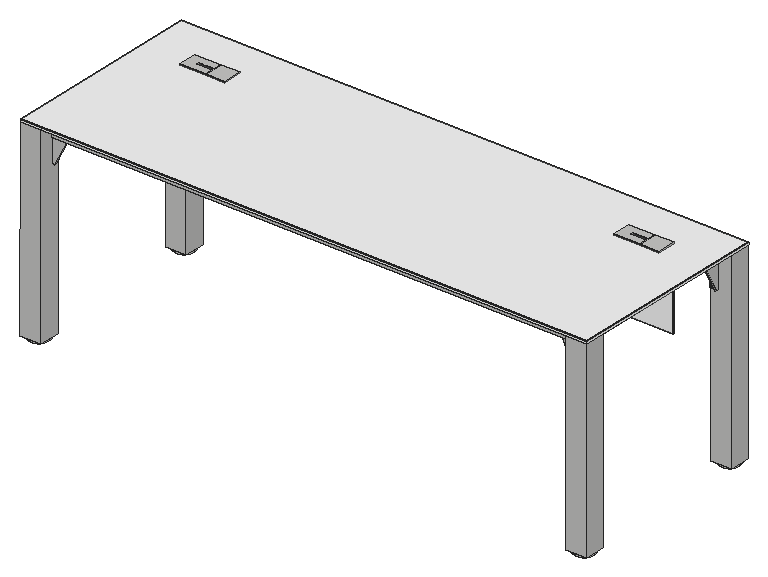
Revit family "Workstations-Teknion-BGMTT_Table_Desk_With_Glass_Top-R2015", category Furniture, Revit 2015
Parameters (values of type "Square Post Legs")
  Worksurface Finish [instance] = Back-painted Glass - K7 - Teknion - Very White
  Width [instance] = 84.000"
  Warranty = "http://www.teknion.com/ca/papers/legal-canada"
  Unit Weight URL = "http://www.teknion.com/ca/tools/assets#&asset=bee6a381-b954-425e-8283-5a2de3a804f2,f828d448-4b62-4231-9e5f-9a8991c0ed77"
  URL = "www.teknion.com"
  Sustainability Data = "http://www.teknion.com/ca/tools/assets#&topic=216f99a5-57a0-44fc-b10a-9dee9b29ae4c&asset=444deb64-fe58-4b68-981e-f75e97781df7"
  Support Frame Finish [instance] = Metal - Teknion - AC - Clear Anodized
  Series = "Expansion Casegoods"  # constant formula
  Right Grommet Visibility [instance] = or([Has Both Ends - Rectangular Grommet], Has Right Grommet)  # yes
  Product Page URL = "http://www.teknion.com/ca/products/product-details?productlineid=0053336e-8e7a-673b-a6c8-ff00004460c4"
  Product Line = "Expansion Casegoods"  # constant formula
  Product Documentation Link = "http://www.teknion.com/pricing/expansion-casegoods/pdfs/BGMTT_ppg.pdf"
  Part Number = "BGMTT"  # constant formula
  Panel Width [instance] = 72.0004"
  Panel Height [instance] = 10.000"
  Workstation Note [instance] = "Available Depths are 24, 30, and 36 inches. Available Widths range from 54 to 90 inches in 6 inch increments."  # constant formula
  Modesty Panel Note [instance] = "Available Widths range from 30 ro 84 inches in 1 inch increments. Available Heights are 6 and 10 inches."  # constant formula
  Modesty Panel Finish [instance] = Back-painted Glass - K7 - Teknion - Very White
  Modesty Hardware Finish [instance] = Mica - Teknion - V - Satin - Very White
  Model = "BGMTTS___10"
  Manufacturer Phone = "416-661-3370"  # constant formula
  Manufacturer Fax = "416.661.4586"  # constant formula
  Manufacturer Contact Information = "http://www.teknion.com/ca/contactus"
  Manufacturer Address = "1150 Flint Road, Toronto, ON. M3J 2J5. Canada"  # constant formula
  Manufacturer = "Teknion"  # constant formula
  Left Grommet Visibility [instance] = or([Has Both Ends - Rectangular Grommet], Has Left Grommet)  # yes
  Has Right Grommet [instance] = no
  Has Modesty Panel [instance] = yes
  Has Left Grommet [instance] = no
  Has Both Ends - Rectangular Grommet [instance] = yes
  Grommet Finish [instance] = Metal - Teknion - AC - Clear Anodized
  Description = "Table Desk with 10 mm Glass Top, Square Post Legs Support Style."  # constant formula
  Depth [instance] = 30.000"
  Assembly Code = "E2020200"
Reference planes (in)
  plane 1 "Center Front/Back": y = 0
  plane 2: z = 0
  plane 3 "Center Left/Right": x = 0
  plane 4 "Left": x = -42
  plane 5 "Right": x = 42
  plane 6 "Back": y = 15
  plane 7 "Front": y = -15
  plane 8 "Top": z = 29.13386
  plane 9: z = 28.74016
  plane 10: x = -38.92913
  plane 11: y = 11.92913
  plane 12: x = 38.92913
  plane 13: y = -11.92913
  plane 14: z = 0.31496
  plane 15: y = 13.11024
  plane 16: y = -13.11024
  plane 17: x = -40.11024
  plane 18: x = 40.11024
  plane 19: y = 9.48819
  plane 20: x = 36.48819
  plane 21: y = -9.48819
  plane 22: x = -36.48819
  plane 23: z = 27.02362
  plane 24: z = 23.42126
  plane 25: z = 29.29134
  plane 26: z = 29.03386
  plane 27: z = 17.55116
  plane 28: z = 27.55116
Forms (in)
  Extrusion 1, solid, material "Back-painted Glass - K7 - Teknion - Very White" <- "Worksurface Finish"
    sketch origin (0, 0, 29.13386) x (-1, 0, 0) y (0, -1, 0)
      loop
        line (42, -15) -> (42, 15) -> (-42, 15) -> (-42, -15) -> (42, -15)
    from 0 to -0.1
  Extrusion 2, solid, material "Metal - Teknion - AC - Clear Anodized" <- "Support Frame Finish"
    sketch origin (0, 0, 29.13386) x (-1, 0, 0) y (0, -1, 0)
      loop
        line (42, -11.92913) -> (38.92913, -11.92913) -> (38.92913, -15) -> (42, -15) -> (42, -11.92913)
    from -0.3937 to -28.8189
  Extrusion 3, solid, material "Metal - Teknion - AC - Clear Anodized" <- "Support Frame Finish"
    sketch origin (0, 0, 29.13386) x (-1, 0, 0) y (0, -1, 0)
      loop
        line (42, 11.92913) -> (42, 15) -> (38.92913, 15) -> (38.92913, 11.92913) -> (42, 11.92913)
    from -0.3937 to -28.8189
  Extrusion 4, solid, material "Metal - Teknion - AC - Clear Anodized" <- "Support Frame Finish"
    sketch origin (0, 0, 29.13386) x (1, 0, 0) y (0, 1, 0)
      loop
        line (42, 11.92913) -> (42, 15) -> (38.92913, 15) -> (38.92913, 11.92913) -> (42, 11.92913)
    from -0.3937 to -28.8189
  Extrusion 5, solid, material "Metal - Teknion - AC - Clear Anodized" <- "Support Frame Finish"
    sketch origin (0, 0, 29.13386) x (1, 0, 0) y (0, 1, 0)
      loop
        line (42, -11.92913) -> (38.92913, -11.92913) -> (38.92913, -15) -> (42, -15) -> (42, -11.92913)
    from -0.3937 to -28.8189
  Extrusion 6, solid, material "Metal - Teknion - AC - Clear Anodized" <- "Support Frame Finish"
    sketch origin (0, 0, 29.13386) x (-1, 0, 0) y (0, -1, 0)
      loop
        line (38.92913, -13.11024) -> (38.92913, -11.92913) -> (40.11024, -11.92913) -> (40.11024, 11.92913) -> (38.92913, 11.92913) -> (38.92913, 13.11024) -> (-38.92913, 13.11024) -> (-38.92913, 11.92913) -> (-40.11024, 11.92913) -> (-40.11024, -11.92913) -> (-38.92913, -11.92913) -> (-38.92913, -13.11024) -> (38.92913, -13.11024)
      loop
        line (36.48819, -9.48819) -> (36.48819, 9.48819) -> (-36.48819, 9.48819) -> (-36.48819, -9.48819) -> (36.48819, -9.48819)
    from -0.3937 to -2.11024
  Extrusion 7, solid, material "Metal - Teknion - AC - Clear Anodized" <- "Support Frame Finish"
    sketch origin (0, 0, 29.13386) x (-1, 0, 0) y (0, -1, 0)
      loop
        line (39.81496, -9.64567) -> (39.81496, -11.81102) -> (38.81102, -11.81102) -> (38.81102, -12.81496) -> (36.64567, -12.81496) -> (36.64567, -12.93307) -> (38.92913, -12.93307) -> (38.92913, -11.92913) -> (39.93307, -11.92913) -> (39.93307, -9.64567) -> (39.81496, -9.64567)
    from -5.7126 to -2.11024
  Extrusion 8, void
    sketch origin (27, 0, 0) x (0, 1, 0) y (0, 0, -1)
      loop
        line (9.64567, -27.02362) -> (11.48116, -23.42126) -> (9.64567, -23.42126) -> (9.64567, -27.02362)
    from -15 to -11.92913
  Extrusion 9, void
    sketch origin (15, 12.88583, 0) x (1, 0, 0) y (0, 0, 1)
      loop
        line (21.64567, 27.02362) -> (21.64567, 23.42126) -> (23.48116, 23.42126) -> (21.64567, 27.02362)
    from -2.11417 to 0.95669
  Extrusion 10, void
    sketch origin (-27, 0, 0) x (0, 1, 0) y (0, 0, 1)
      loop
        line (9.64567, 27.02362) -> (9.64567, 23.42126) -> (11.48116, 23.42126) -> (9.64567, 27.02362)
    from -15 to -11.92913
  Extrusion 11, void
    sketch origin (-15, 12.88583, 0) x (-1, 0, 0) y (0, 0, -1)
      loop
        line (21.64567, -27.02362) -> (23.48116, -23.42126) -> (21.64567, -23.42126) -> (21.64567, -27.02362)
    from -2.11417 to 0.95669
  Extrusion 12, void
    sketch origin (27, 0, 0) x (0, -1, 0) y (0, 0, 1)
      loop
        line (9.64567, 27.02362) -> (9.64567, 23.42126) -> (11.48116, 23.42126) -> (9.64567, 27.02362)
    from -15 to -11.92913
  Extrusion 13, void
    sketch origin (15, -12.88583, 0) x (1, 0, 0) y (0, 0, -1)
      loop
        line (21.64567, -27.02362) -> (23.48116, -23.42126) -> (21.64567, -23.42126) -> (21.64567, -27.02362)
    from -2.11417 to 0.95669
  Extrusion 14, void
    sketch origin (-27, 0, 0) x (0, -1, 0) y (0, 0, -1)
      loop
        line (9.64567, -27.02362) -> (11.48116, -23.42126) -> (9.64567, -23.42126) -> (9.64567, -27.02362)
    from -15 to -11.92913
  Extrusion 15, void
    sketch origin (-15, -12.88583, 0) x (-1, 0, 0) y (0, 0, 1)
      loop
        line (21.64567, 27.02362) -> (21.64567, 23.42126) -> (23.48116, 23.42126) -> (21.64567, 27.02362)
    from -2.11417 to 0.95669
  Extrusion 16, solid, material "Metal - Teknion - AC - Clear Anodized" <- "Support Frame Finish"
    sketch origin (0, 0, 29.13386) x (1, 0, 0) y (0, 1, 0)
      loop
        line (39.81496, 9.64567) -> (39.93307, 9.64567) -> (39.93307, 11.92913) -> (38.92913, 11.92913) -> (38.92913, 12.93307) -> (36.64567, 12.93307) -> (36.64567, 12.81496) -> (38.81102, 12.81496) -> (38.81102, 11.81102) -> (39.81496, 11.81102) -> (39.81496, 9.64567)
    from -5.7126 to -2.11024
  Extrusion 17, solid, material "Metal - Teknion - AC - Clear Anodized" <- "Support Frame Finish"
    sketch origin (0, 0, 29.13386) x (-1, 0, 0) y (0, -1, 0)
      loop
        line (39.81496, 9.64567) -> (39.93307, 9.64567) -> (39.93307, 11.92913) -> (38.92913, 11.92913) -> (38.92913, 12.93307) -> (36.64567, 12.93307) -> (36.64567, 12.81496) -> (38.81102, 12.81496) -> (38.81102, 11.81102) -> (39.81496, 11.81102) -> (39.81496, 9.64567)
    from -5.7126 to -2.11024
  Extrusion 18, solid, material "Metal - Teknion - AC - Clear Anodized" <- "Support Frame Finish"
    sketch origin (0, 0, 29.13386) x (1, 0, 0) y (0, 1, 0)
      loop
        line (39.81496, -9.64567) -> (39.81496, -11.81102) -> (38.81102, -11.81102) -> (38.81102, -12.81496) -> (36.64567, -12.81496) -> (36.64567, -12.93307) -> (38.92913, -12.93307) -> (38.92913, -11.92913) -> (39.93307, -11.92913) -> (39.93307, -9.64567) -> (39.81496, -9.64567)
    from -5.7126 to -2.11024
  Extrusion 19, solid, material "Metal - Teknion - AC - Clear Anodized" <- "Support Frame Finish"
    sketch origin (0, 0, 0) x (1, 0, 0) y (0, 1, 0)
      loop
        circle (-40.45657, 13.47008) r 1.5
    from 0 to 0.31496
  Extrusion 20, solid, material "Metal - Teknion - AC - Clear Anodized" <- "Support Frame Finish"
    sketch origin (0, 0, 0) x (-1, 0, 0) y (0, -1, 0)
      loop
        circle (-40.45657, -13.47008) r 1.5
    from 0 to 0.31496
  Extrusion 21, solid, material "Metal - Teknion - AC - Clear Anodized" <- "Support Frame Finish"
    sketch origin (0, 0, 0) x (1, 0, 0) y (0, 1, 0)
      loop
        circle (-40.45657, -13.47008) r 1.5
    from 0 to 0.31496
  Extrusion 22, solid, material "Metal - Teknion - AC - Clear Anodized" <- "Support Frame Finish"
    sketch origin (0, 0, 0) x (-1, 0, 0) y (0, -1, 0)
      loop
        circle (-40.45657, 13.47008) r 1.5
    from 0 to 0.31496
  Extrusion 23, solid, material "Metal - Teknion - AC - Clear Anodized" <- "Grommet Finish", visible <- "Left Grommet Visibility"
    sketch origin (0, 0, 29.13386) x (-1, 0, 0) y (0, -1, 0)
      loop
        line (28.86969, -6.49135) -> (28.86969, -9.33542) -> (31.71792, -9.33542) -> (31.71792, -6.49135) -> (28.86969, -6.49135)
    from 0 to 0.15748
  Extrusion 24, solid, material "Metal - Teknion - AC - Clear Anodized" <- "Grommet Finish", visible <- "Left Grommet Visibility"
    sketch origin (0, 0, 29.13386) x (-1, 0, 0) y (0, -1, 0)
      loop
        line (33.99652, -7.70071) -> (33.99652, -8.12606) -> (31.71792, -8.12606) -> (31.71792, -9.33542) -> (35.52401, -9.33542) -> (35.52401, -6.49135) -> (31.71792, -6.49135) -> (31.71792, -7.70071) -> (33.99652, -7.70071)
    from 0 to 0.15748
  Extrusion 25, solid, material "Metal - Teknion - AC - Clear Anodized" <- "Grommet Finish", visible <- "Right Grommet Visibility"
    sketch origin (34.3937, 0, 29.13386) x (-1, 0, 0) y (0, -1, 0)
      loop
        line (-1.13031, -6.49135) -> (-1.13031, -9.33542) -> (1.71792, -9.33542) -> (1.71792, -6.49135) -> (-1.13031, -6.49135)
    from 0 to 0.15748
  Extrusion 26, solid, material "Metal - Teknion - AC - Clear Anodized" <- "Grommet Finish", visible <- "Right Grommet Visibility"
    sketch origin (34.3937, 0, 29.13386) x (-1, 0, 0) y (0, -1, 0)
      loop
        line (3.99652, -7.70071) -> (3.99652, -8.12606) -> (1.71792, -8.12606) -> (1.71792, -9.33542) -> (5.52401, -9.33542) -> (5.52401, -6.49135) -> (1.71792, -6.49135) -> (1.71792, -7.70071) -> (3.99652, -7.70071)
    from 0 to 0.15748
  Extrusion 27, solid, material "Paint-Teknion-White"
    sketch origin (0, 0, 29.13386) x (-1, 0, 0) y (0, -1, 0)
      loop
        line (42, -15) -> (42, 15) -> (-42, 15) -> (-42, -15) -> (42, -15)
    from -0.3937 to -0.1
  Extrusion 28, solid, material "Mica - Teknion - V - Satin - Very White" <- "Modesty Hardware Finish", visible <- "Has Modesty Panel"
    sketch origin (0, 0, 29.13386) x (-1, 0, 0) y (0, -1, 0)
      loop
        line (36.0002, -8.1427) -> (-36.0002, -8.1427) -> (-36.0002, -9.15839) -> (36.0002, -9.15839) -> (36.0002, -8.1427)
    from -1.5827 to -0.3937
  Extrusion 29, solid, material "Back-painted Glass - K7 - Teknion - Very White" <- "Modesty Panel Finish", visible <- "Has Modesty Panel"
    sketch origin (0, 0, 29.13386) x (-1, 0, 0) y (0, -1, 0)
      loop
        line (36.0002, -8.7616) -> (36.0002, -8.69961) -> (-36.0002, -8.69961) -> (-36.0002, -8.7616) -> (36.0002, -8.7616)
      loop
        line (-36.0002, -8.53949) -> (-36.0002, -8.59961) -> (36.0002, -8.59961) -> (36.0002, -8.53949) -> (-36.0002, -8.53949)
    from -1.5827 to -11.5827
  Extrusion 30, solid, material "Paint-Teknion-White", visible <- "Has Modesty Panel"
    sketch origin (0, 0, 29.13386) x (-1, 0, 0) y (0, -1, 0)
      loop
        line (36.0002, -8.69961) -> (36.0002, -8.59961) -> (-36.0002, -8.59961) -> (-36.0002, -8.69961) -> (36.0002, -8.69961)
    from -1.5827 to -11.5827
Cuts and joins
  Extrusion 8, Extrusion 10, Extrusion 11, Extrusion 14, Extrusion 15 cuts Extrusion 7
  Extrusion 8, Extrusion 9 cuts Extrusion 16
  Extrusion 12, Extrusion 13 cuts Extrusion 18
  Extrusion 14, Extrusion 15 cuts Extrusion 17
Lines and regions (in)
  Masking region 1
    outline origin (0, 0, 29.13386) x (-1, 0, 0) y (0, -1, 0)
      loop
        line (42, -15) -> (42, 15) -> (-42, 15) -> (-42, -15) -> (42, -15)
  symbolic lines, style "FurnitureHiddenLines", detail levels medium+fine
    curve 1: line (-36.48819, -9.48819, 29.13386) -> (-36.48819, 9.48819, 29.13386)
    curve 2: line (-36.48819, 9.48819, 29.13386) -> (36.48819, 9.48819, 29.13386)
    curve 3: line (36.48819, -9.48819, 29.13386) -> (-36.48819, -9.48819, 29.13386)
    curve 4: line (36.48819, 9.48819, 29.13386) -> (36.48819, -9.48819, 29.13386)
    curve 5: line (38.92913, 13.11024, 29.13386) -> (-38.92913, 13.11024, 29.13386)
    curve 6: line (-38.92913, 13.11024, 29.13386) -> (-38.92913, 11.92913, 29.13386)
    curve 7: line (-38.92913, 11.92913, 29.13386) -> (-40.11024, 11.92913, 29.13386)
    curve 8: line (-40.11024, 11.92913, 29.13386) -> (-40.11024, -11.92913, 29.13386)
    curve 9: line (-40.11024, -11.92913, 29.13386) -> (-38.92913, -11.92913, 29.13386)
    curve 10: line (-38.92913, -11.92913, 29.13386) -> (-38.92913, -13.11024, 29.13386)
    curve 11: line (-38.92913, -13.11024, 29.13386) -> (38.92913, -13.11024, 29.13386)
    curve 12: line (38.92913, -13.11024, 29.13386) -> (38.92913, -11.92913, 29.13386)
    curve 13: line (38.92913, -11.92913, 29.13386) -> (40.11024, -11.92913, 29.13386)
    curve 14: line (40.11024, -11.92913, 29.13386) -> (40.11024, 11.92913, 29.13386)
    curve 15: line (42, 11.92913, 29.13386) -> (38.92913, 11.92913, 29.13386)
    curve 16: line (38.92913, 11.92913, 29.13386) -> (38.92913, 13.11024, 29.13386)
    curve 37: line (-42, 11.92913, 29.13386) -> (-38.92913, 11.92913, 29.13386)
    curve 38: line (-38.92913, 11.92913, 29.13386) -> (-38.92913, 15, 29.13386)
    curve 39: line (38.92913, 15, 29.13386) -> (38.92913, 11.92913, 29.13386)
    curve 40: line (38.92913, 11.92913, 29.13386) -> (42, 11.92913, 29.13386)
    curve 41: line (42, -11.92913, 29.13386) -> (38.92913, -11.92913, 29.13386)
    curve 42: line (38.92913, -11.92913, 29.13386) -> (38.92913, -15, 29.13386)
    curve 43: line (-38.92913, -15, 29.13386) -> (-38.92913, -11.92913, 29.13386)
    curve 44: line (-38.92913, -11.92913, 29.13386) -> (-42, -11.92913, 29.13386)
  symbolic lines, visible <- "Left Grommet Visibility"
    curve 17: line (-31.71792, 9.33542, 29.13386) -> (-31.71792, 6.49135, 29.13386)
    curve 18: line (-31.71792, 6.49135, 29.13386) -> (-28.86969, 6.49135, 29.13386)
    curve 19: line (-28.86969, 6.49135, 29.13386) -> (-28.86969, 9.33542, 29.13386)
    curve 20: line (-28.86969, 9.33542, 29.13386) -> (-31.71792, 9.33542, 29.13386)
    curve 21: line (-33.99652, 8.12606, 29.13386) -> (-31.71792, 8.12606, 29.13386)
    curve 22: line (-33.99652, 7.70071, 29.13386) -> (-33.99652, 8.12606, 29.13386)
    curve 23: line (-31.71792, 7.70071, 29.13386) -> (-33.99652, 7.70071, 29.13386)
    curve 24: line (-35.52401, 6.49135, 29.13386) -> (-31.71792, 6.49135, 29.13386)
    curve 25: line (-35.52401, 9.33542, 29.13386) -> (-35.52401, 6.49135, 29.13386)
    curve 26: line (-31.71792, 9.33542, 29.13386) -> (-35.52401, 9.33542, 29.13386)
  symbolic lines, visible <- "Right Grommet Visibility"
    curve 27: line (35.52401, 9.33542, 29.13386) -> (32.67578, 9.33542, 29.13386)
    curve 28: line (32.67578, 9.33542, 29.13386) -> (32.67578, 6.49135, 29.13386)
    curve 29: line (32.67578, 6.49135, 29.13386) -> (35.52401, 6.49135, 29.13386)
    curve 30: line (35.52401, 6.49135, 29.13386) -> (35.52401, 9.33542, 29.13386)
    curve 31: line (28.86969, 6.49135, 29.13386) -> (32.67578, 6.49135, 29.13386)
    curve 32: line (28.86969, 9.33542, 29.13386) -> (28.86969, 6.49135, 29.13386)
    curve 33: line (32.67578, 9.33542, 29.13386) -> (28.86969, 9.33542, 29.13386)
    curve 34: line (30.39718, 8.12606, 29.13386) -> (32.67578, 8.12606, 29.13386)
    curve 35: line (30.39718, 7.70071, 29.13386) -> (30.39718, 8.12606, 29.13386)
    curve 36: line (32.67578, 7.70071, 29.13386) -> (30.39718, 7.70071, 29.13386)
  symbolic lines, style "FurnitureHiddenLines", detail levels fine
    curve 45: arc (-41.95657, -13.47008, 29.13386) -> (-40.45657, -14.97008, 29.13386) -> (-38.95657, -13.47008, 29.13386) r 1.5
    curve 46: arc (-38.95657, -13.47008, 29.13386) -> (-40.45657, -11.97008, 29.13386) -> (-41.95657, -13.47008, 29.13386) r 1.5
    curve 47: arc (-38.95657, 13.47008, 29.13386) -> (-40.45657, 14.97008, 29.13386) -> (-41.95657, 13.47008, 29.13386) r 1.5
    curve 48: arc (-41.95657, 13.47008, 29.13386) -> (-40.45657, 11.97008, 29.13386) -> (-38.95657, 13.47008, 29.13386) r 1.5
    curve 49: arc (38.95657, 13.47008, 29.13386) -> (40.45657, 11.97008, 29.13386) -> (41.95657, 13.47008, 29.13386) r 1.5
    curve 50: arc (41.95657, 13.47008, 29.13386) -> (40.45657, 14.97008, 29.13386) -> (38.95657, 13.47008, 29.13386) r 1.5
    curve 51: arc (41.95657, -13.47008, 29.13386) -> (40.45657, -11.97008, 29.13386) -> (38.95657, -13.47008, 29.13386) r 1.5
    curve 52: arc (38.95657, -13.47008, 29.13386) -> (40.45657, -14.97008, 29.13386) -> (41.95657, -13.47008, 29.13386) r 1.5
    curve 53: line (-38.81102, 12.81496, 29.13386) -> (-36.64567, 12.81496, 29.13386)
    curve 54: line (-36.64567, 12.81496, 29.13386) -> (-36.64567, 12.93307, 29.13386)
    curve 55: line (-36.64567, 12.93307, 29.13386) -> (-38.92913, 12.93307, 29.13386)
    curve 56: line (-38.92913, 12.93307, 29.13386) -> (-38.92913, 11.92913, 29.13386)
    curve 57: line (-38.92913, 11.92913, 29.13386) -> (-39.93307, 11.92913, 29.13386)
    curve 58: line (-39.93307, 11.92913, 29.13386) -> (-39.93307, 9.64567, 29.13386)
    curve 59: line (-39.93307, 9.64567, 29.13386) -> (-39.81496, 9.64567, 29.13386)
    curve 60: line (-39.81496, 9.64567, 29.13386) -> (-39.81496, 11.81102, 29.13386)
    curve 61: line (-39.81496, 11.81102, 29.13386) -> (-38.81102, 11.81102, 29.13386)
    curve 62: line (-38.81102, 11.81102, 29.13386) -> (-38.81102, 12.81496, 29.13386)
    curve 63: line (36.64567, 12.93307, 29.13386) -> (36.64567, 12.81496, 29.13386)
    curve 64: line (38.92913, 12.93307, 29.13386) -> (36.64567, 12.93307, 29.13386)
    curve 65: line (36.64567, 12.81496, 29.13386) -> (38.81102, 12.81496, 29.13386)
    curve 66: line (38.81102, 12.81496, 29.13386) -> (38.81102, 11.81102, 29.13386)
    curve 67: line (38.81102, 11.81102, 29.13386) -> (39.81496, 11.81102, 29.13386)
    curve 68: line (39.93307, 9.64567, 29.13386) -> (39.93307, 11.92913, 29.13386)
    curve 69: line (39.93307, 9.64567, 29.13386) -> (39.81496, 9.64567, 29.13386)
    curve 70: line (39.81496, 11.81102, 29.13386) -> (39.81496, 9.64567, 29.13386)
    curve 71: line (39.93307, -11.92913, 29.13386) -> (39.93307, -9.64567, 29.13386)
    curve 72: line (39.81496, -9.64567, 29.13386) -> (39.93307, -9.64567, 29.13386)
    curve 73: line (39.81496, -9.64567, 29.13386) -> (39.81496, -11.81102, 29.13386)
    curve 74: line (39.81496, -11.81102, 29.13386) -> (38.81102, -11.81102, 29.13386)
    curve 75: line (38.81102, -11.81102, 29.13386) -> (38.81102, -12.81496, 29.13386)
    curve 76: line (38.81102, -12.81496, 29.13386) -> (36.64567, -12.81496, 29.13386)
    curve 77: line (36.64567, -12.81496, 29.13386) -> (36.64567, -12.93307, 29.13386)
    curve 78: line (36.64567, -12.93307, 29.13386) -> (38.92913, -12.93307, 29.13386)
    curve 79: line (-36.64567, -12.81496, 29.13386) -> (-38.81102, -12.81496, 29.13386)
    curve 80: line (-36.64567, -12.93307, 29.13386) -> (-36.64567, -12.81496, 29.13386)
    curve 81: line (-38.92913, -12.93307, 29.13386) -> (-36.64567, -12.93307, 29.13386)
    curve 82: line (-38.81102, -12.81496, 29.13386) -> (-38.81102, -11.81102, 29.13386)
    curve 83: line (-38.81102, -11.81102, 29.13386) -> (-39.81496, -11.81102, 29.13386)
    curve 84: line (-39.81496, -11.81102, 29.13386) -> (-39.81496, -9.64567, 29.13386)
    curve 85: line (-39.93307, -9.64567, 29.13386) -> (-39.81496, -9.64567, 29.13386)
    curve 86: line (-39.93307, -9.64567, 29.13386) -> (-39.93307, -11.92913, 29.13386)
  symbolic lines, style "FurnitureHiddenLines", visible <- "Has Modesty Panel", detail levels medium+fine
    curve 87: line (36.0002, 9.15839, 29.13386) -> (-36.0002, 9.15839, 29.13386)
    curve 88: line (-36.0002, 9.15839, 29.13386) -> (-36.0002, 8.1427, 29.13386)
    curve 89: line (-36.0002, 8.1427, 29.13386) -> (36.0002, 8.1427, 29.13386)
    curve 90: line (36.0002, 8.1427, 29.13386) -> (36.0002, 9.15839, 29.13386)
  symbolic lines, style "FurnitureHiddenLines", visible <- "Has Modesty Panel", detail levels fine
    curve 91: line (36.0002, 8.7616, 29.13386) -> (-36.0002, 8.7616, 29.13386)
    curve 92: line (-36.0002, 8.53949, 29.13386) -> (36.0002, 8.53949, 29.13386)
    curve 93: line (-36.0002, 8.59961, 29.13386) -> (36.0002, 8.59961, 29.13386)
    curve 94: line (36.0002, 8.69961, 29.13386) -> (-36.0002, 8.69961, 29.13386)
  reference lines, not visible
    curve 95: line (-42, 15, 29.13386) -> (-42, -15, 29.13386)
    curve 96: line (-42, 15, 29.13386) -> (42, 15, 29.13386)
    curve 97: line (42, 15, 29.13386) -> (42, -15, 29.13386)
    curve 98: line (-42, -15, 29.13386) -> (42, -15, 29.13386)
Dimensions and locks (in)
  equal spacing: plane 4 "Left", plane 3 "Center Left/Right", plane 5 "Right"
  equal spacing: plane 6 "Back", plane 1 "Center Front/Back", plane 7 "Front"
  plane 8 "Top" to level = 29.13386"
  locked: plane 8 "Top" to plane 9 at 0.3937
  locked: plane 7 "Front" to plane 13 at 3.07087
  locked: plane 6 "Back" to plane 11 at 3.07087
  locked: plane 4 "Left" to plane 10 at 3.07087
  locked: plane 12 to plane 5 "Right" at 3.07087
  locked: plane 14 to plane 2 at 0.31496
  locked: plane 6 "Back" to plane 15 at 1.88976
  locked: plane 7 "Front" to plane 16 at 1.88976
  locked: plane 4 "Left" to plane 17 at 1.88976
  locked: plane 5 "Right" to plane 18 at 1.88976
  locked: plane 4 "Left" to plane 22 at 5.51181
  locked: plane 21 to plane 16 at 3.62205
  locked: plane 15 to plane 19 at 3.62205
  locked: plane 20 to plane 18 at 3.62205
  locked: plane 9 to plane 23 at 1.71654
  "Depth": plane 6 "Back" to plane 7 "Front"
  "Width": plane 4 "Left" to plane 5 "Right"
  Extrusion 7 sketch curve to Extrusion 7 sketch curve to Extrusion 7 sketch curve to Extrusion 7 sketch curve to plane 6 "Back" = 2.16535" locked, 1.00394" locked, 0.11811" locked, 2.06693" locked
  plane 4 "Left" to Extrusion 7 sketch curve to Extrusion 7 sketch curve to Extrusion 7 sketch curve to Extrusion 7 sketch curve = 2.06693" locked, 0.11811" locked, 1.00394" locked, 2.16535" locked
  locked: plane 23 to plane 24 at 3.60236
  plane 11 to Extrusion 8 sketch curve to Extrusion 8 sketch curve = 0.44797" locked, 1.8355" locked
  Extrusion 9 sketch curve to Extrusion 9 sketch curve to plane 20 = 1.8355" locked, 0.15748" locked
  Extrusion 10 sketch curve to Extrusion 10 sketch curve to plane 19 = 1.8355" locked, 0.15748" locked
  Extrusion 11 sketch curve to Extrusion 11 sketch curve to plane 22 = 1.8355" locked, 0.15748" locked
  Extrusion 12 sketch curve to Extrusion 12 sketch curve to plane 21 = 1.8355" locked, 0.15748" locked
  Extrusion 13 sketch curve to Extrusion 13 sketch curve to plane 20 = 1.8355" locked, 0.15748" locked
  plane 13 to Extrusion 14 sketch curve to Extrusion 14 sketch curve = 0.44797" locked, 1.8355" locked
  plane 10 to Extrusion 15 sketch curve to Extrusion 15 sketch curve = 0.44797" locked, 1.8355" locked
  Extrusion 16 sketch curve to Extrusion 16 sketch curve to Extrusion 16 sketch curve to Extrusion 16 sketch curve to plane 6 "Back" = 2.16535" locked, 1.00394" locked, 0.11811" locked, 2.06693" locked
  plane 5 "Right" to Extrusion 16 sketch curve to Extrusion 16 sketch curve to Extrusion 16 sketch curve to Extrusion 16 sketch curve = 2.06693" locked, 0.11811" locked, 1.00394" locked, 2.16535" locked
  Extrusion 17 sketch curve to Extrusion 17 sketch curve to Extrusion 17 sketch curve to Extrusion 17 sketch curve to plane 7 "Front" = 2.16535" locked, 1.00394" locked, 0.11811" locked, 2.06693" locked
  plane 4 "Left" to Extrusion 17 sketch curve to Extrusion 17 sketch curve to Extrusion 17 sketch curve to Extrusion 17 sketch curve = 2.06693" locked, 0.11811" locked, 1.00394" locked, 2.16535" locked
  Extrusion 18 sketch curve to Extrusion 18 sketch curve to Extrusion 18 sketch curve to Extrusion 18 sketch curve to plane 7 "Front" = 2.16535" locked, 1.00394" locked, 0.11811" locked, 2.06693" locked
  plane 5 "Right" to Extrusion 18 sketch curve to Extrusion 18 sketch curve to Extrusion 18 sketch curve to Extrusion 18 sketch curve = 2.06693" locked, 0.11811" locked, 1.00394" locked, 2.16535" locked
  locked: plane 6 "Back" to Extrusion 19 sketch curve at 1.52992
  locked: plane 4 "Left" to Extrusion 19 sketch curve at 1.54343
  locked: Extrusion 20 sketch curve to plane 5 "Right" at 1.54343
  locked: Extrusion 20 sketch curve to plane 11 at 1.54095
  locked: plane 7 "Front" to Extrusion 21 sketch curve at 1.52992
  locked: plane 4 "Left" to Extrusion 21 sketch curve at 1.54343
  locked: Extrusion 22 sketch curve to plane 5 "Right" at 1.54343
  locked: plane 7 "Front" to Extrusion 22 sketch curve at 1.52992
  plane 4 "Left" to Extrusion 24 sketch curve to Extrusion 24 sketch curve to Extrusion 24 sketch curve to Extrusion 24 sketch curve = 6.47599" locked, 1.52748" locked, 2.2786" locked, 0.000" locked
  plane 6 "Back" to Extrusion 24 sketch curve to Extrusion 24 sketch curve to Extrusion 24 sketch curve to Extrusion 24 sketch curve = 5.66458" locked, 1.20936" locked, 0.42535" locked, 1.20936" locked
  plane 4 "Left" to Extrusion 23 sketch curve to Extrusion 23 sketch curve = 10.28208" locked, 2.84823" locked
  plane 6 "Back" to Extrusion 23 sketch curve to Extrusion 23 sketch curve = 5.66458" locked, 2.84406" locked
  locked: plane 25 to plane 8 "Top" at 0.15748
  Extrusion 26 sketch curve to Extrusion 26 sketch curve to Extrusion 26 sketch curve to Extrusion 26 sketch curve to plane 5 "Right" = 1.52748" locked, 2.2786" locked, 0.000" locked, 9.32422" locked
  plane 6 "Back" to Extrusion 26 sketch curve to Extrusion 26 sketch curve to Extrusion 26 sketch curve to Extrusion 26 sketch curve = 5.66458" locked, 1.20936" locked, 0.42535" locked, 1.20936" locked
  Extrusion 25 sketch curve to Extrusion 25 sketch curve to plane 5 "Right" = 2.84823" locked, 6.47599" locked
  plane 6 "Back" to Extrusion 25 sketch curve to Extrusion 25 sketch curve = 5.66458" locked, 2.84406" locked
  locked: plane 8 "Top" to plane 26 at 0.1
  equal spacing: Extrusion 28 sketch curve, plane 3 "Center Left/Right", Extrusion 28 sketch curve
  "Panel Width": Extrusion 28 sketch curve to Extrusion 28 sketch curve
  locked: plane 6 "Back" to Extrusion 28 sketch curve at 5.84161
  locked: Extrusion 28 sketch curve to Extrusion 28 sketch curve at 1.01569
  locked: plane 9 to plane 28 at 1.189
  plane 6 "Back" to Extrusion 28 to Extrusion 28 = 5.84161" locked, 1.01569" locked
  Extrusion 30 sketch curve to Extrusion 30 sketch curve to plane 6 "Back" = 0.100" locked, 6.30039" locked
  Extrusion 29 sketch curve to Extrusion 29 sketch curve to Extrusion 29 sketch curve to Extrusion 29 sketch curve to plane 6 "Back" = 0.06012" locked, 0.100" locked, 0.06199" locked, 6.2384" locked
  "Panel Height": plane 28 to plane 27
  aligned and locked: level to plane 2
  aligned and locked: Extrusion 1 sketch curve to plane 6 "Back"
  aligned and locked: Extrusion 1 sketch curve to plane 4 "Left"
  aligned and locked: Extrusion 1 sketch curve to plane 7 "Front"
  aligned and locked: Extrusion 1 sketch curve to plane 5 "Right"
  aligned and locked: plane 8 "Top" to Extrusion 1
  aligned and locked: Extrusion 2 sketch curve to plane 11
  aligned and locked: Extrusion 2 sketch curve to plane 10
  aligned and locked: Extrusion 2 sketch curve to plane 4 "Left"
  aligned and locked: Extrusion 2 sketch curve to plane 6 "Back"
  aligned and locked: Extrusion 2 to plane 9
  aligned and locked: Extrusion 2 to plane 14
  aligned and locked: Extrusion 3 sketch curve to plane 13
  aligned and locked: Extrusion 3 sketch curve to plane 10
  aligned and locked: Extrusion 3 sketch curve to plane 4 "Left"
  aligned and locked: Extrusion 3 sketch curve to plane 7 "Front"
  aligned and locked: Extrusion 4 sketch curve to plane 11
  aligned and locked: Extrusion 4 sketch curve to plane 12
  aligned and locked: Extrusion 4 sketch curve to plane 6 "Back"
  aligned and locked: Extrusion 4 sketch curve to plane 5 "Right"
  aligned and locked: Extrusion 3 to plane 14
  aligned and locked: plane 9 to Extrusion 3
  aligned and locked: plane 14 to Extrusion 5
  aligned and locked: Extrusion 5 to plane 9
  aligned and locked: Extrusion 6 sketch curve to plane 15
  aligned and locked: Extrusion 6 sketch curve to plane 12
  aligned and locked: plane 11 to Extrusion 6 sketch curve
  aligned and locked: Extrusion 6 sketch curve to plane 18
  aligned and locked: plane 13 to Extrusion 6 sketch curve
  aligned and locked: plane 12 to Extrusion 6 sketch curve
  aligned and locked: Extrusion 6 sketch curve to plane 16
  aligned and locked: Extrusion 6 sketch curve to plane 13
  aligned and locked: Extrusion 6 sketch curve to plane 10  (x2)
  aligned and locked: Extrusion 6 sketch curve to plane 17
  aligned and locked: Extrusion 6 sketch curve to plane 11
  aligned and locked: Extrusion 6 sketch curve to plane 22
  aligned and locked: Extrusion 6 sketch curve to plane 19
  aligned and locked: Extrusion 6 sketch curve to plane 20
  aligned and locked: Extrusion 6 sketch curve to plane 21
  aligned and locked: Extrusion 6 to plane 9
  aligned and locked: Extrusion 6 to plane 23
  aligned and locked: plane 11 to Extrusion 7 sketch curve
  aligned and locked: Extrusion 7 sketch curve to plane 10
  aligned and locked: plane 23 to Extrusion 7
  aligned and locked: Extrusion 7 to plane 24
  aligned and locked: plane 24 to Extrusion 9 sketch curve
  aligned and locked: Extrusion 9 sketch curve to plane 23
  aligned and locked: Extrusion 8 sketch curve to plane 24
  aligned and locked: plane 23 to Extrusion 8 sketch curve
  aligned and locked: plane 24 to Extrusion 14 sketch curve
  aligned and locked: plane 23 to Extrusion 14 sketch curve
  aligned and locked: plane 24 to Extrusion 15 sketch curve
  aligned and locked: plane 23 to Extrusion 15 sketch curve
  aligned and locked: Extrusion 10 sketch curve to plane 24
  aligned and locked: plane 23 to Extrusion 10 sketch curve
  aligned and locked: plane 24 to Extrusion 11 sketch curve
  aligned and locked: plane 23 to Extrusion 11 sketch curve
  aligned and locked: plane 24 to Extrusion 12 sketch curve
  aligned and locked: plane 23 to Extrusion 12 sketch curve
  aligned and locked: plane 24 to Extrusion 13 sketch curve
  aligned and locked: Extrusion 13 sketch curve to plane 23
  aligned and locked: plane 24 to cut or joined group of Extrusion 7, Extrusion 8, Extrusion 10, Extrusion 11, Extrusion 14, Extrusion 15
  aligned and locked: cut or joined group of Extrusion 7, Extrusion 8, Extrusion 10, Extrusion 11, Extrusion 14, Extrusion 15 to plane 23
  aligned and locked: Extrusion 4 to plane 14
  aligned and locked: plane 14 to Extrusion 19
  aligned and locked: plane 14 to Extrusion 20
  aligned and locked: plane 14 to Extrusion 21
  aligned and locked: plane 14 to Extrusion 22
  aligned and locked: Extrusion 21 to plane 2
  aligned and locked: Extrusion 22 to plane 2
  aligned and locked: Extrusion 19 to plane 2
  aligned and locked: Extrusion 20 to plane 2
  aligned and locked: Extrusion 24 to plane 8 "Top"
  aligned and locked: Extrusion 23 to plane 8 "Top"
  aligned and locked: plane 25 to Extrusion 24
  aligned and locked: Extrusion 23 to plane 25
  aligned and locked: Extrusion 25 to plane 25
  aligned and locked: Extrusion 26 to plane 25
  aligned and locked: Extrusion 25 to plane 8 "Top"
  aligned and locked: Extrusion 26 to plane 8 "Top"
  aligned and locked: Extrusion 10 to plane 4 "Left"
  aligned and locked: plane 10 to Extrusion 10
  aligned and locked: Extrusion 11 to plane 11
  aligned and locked: plane 6 "Back" to Extrusion 11
  aligned and locked: Extrusion 8 to plane 5 "Right"
  aligned and locked: plane 12 to Extrusion 8
  aligned and locked: plane 11 to Extrusion 9
  aligned and locked: Extrusion 9 to plane 6 "Back"
  aligned and locked: Extrusion 13 to plane 13
  aligned and locked: plane 7 "Front" to Extrusion 13
  aligned and locked: Extrusion 12 to plane 5 "Right"
  aligned and locked: plane 12 to Extrusion 12
  aligned and locked: plane 10 to Extrusion 14
  aligned and locked: Extrusion 14 to plane 4 "Left"
  aligned and locked: plane 13 to Extrusion 15
  aligned and locked: Extrusion 15 to plane 7 "Front"
  aligned and locked: Extrusion 1 to plane 26
  aligned and locked: Extrusion 27 sketch curve to plane 4 "Left"
  aligned and locked: Extrusion 27 sketch curve to plane 6 "Back"
  aligned and locked: Extrusion 27 sketch curve to plane 5 "Right"
  aligned and locked: Extrusion 27 sketch curve to plane 7 "Front"
  aligned and locked: Extrusion 27 to plane 9
  aligned and locked: Extrusion 27 to plane 26
  aligned and locked: Masking region 1 sketch curve to plane 6 "Back"
  aligned and locked: Masking region 1 sketch curve to plane 4 "Left"
  aligned and locked: Masking region 1 sketch curve to plane 7 "Front"
  aligned and locked: Masking region 1 sketch curve to plane 5 "Right"
  aligned and locked: curve 17 to Extrusion 23
  aligned and locked: curve 18 to Extrusion 23
  aligned and locked: curve 19 to Extrusion 23
  aligned and locked: curve 20 to Extrusion 23
  aligned and locked: curve 21 to Extrusion 24
  aligned and locked: curve 22 to Extrusion 24
  aligned and locked: curve 23 to Extrusion 24
  aligned and locked: curve 24 to Extrusion 24
  aligned and locked: curve 25 to Extrusion 24
  aligned and locked: curve 26 to Extrusion 24
  aligned and locked: curve 27 to Extrusion 25
  aligned and locked: curve 28 to Extrusion 25
  aligned and locked: curve 29 to Extrusion 25
  aligned and locked: curve 30 to Extrusion 25
  aligned and locked: curve 31 to Extrusion 26
  aligned and locked: curve 32 to Extrusion 26
  aligned and locked: curve 33 to Extrusion 26
  aligned and locked: curve 34 to Extrusion 26
  aligned and locked: curve 35 to Extrusion 26
  aligned and locked: curve 36 to Extrusion 26
  aligned and locked: Extrusion 5 to curve 41
  aligned and locked: curve 42 to Extrusion 5
  aligned and locked: curve 43 to Extrusion 3
  aligned and locked: curve 44 to Extrusion 3
  aligned and locked: curve 45 to Extrusion 21
  aligned and locked: curve 46 to Extrusion 21
  aligned and locked: curve 47 to Extrusion 19
  aligned and locked: curve 48 to Extrusion 19
  aligned and locked: curve 49 to Extrusion 20
  aligned and locked: curve 50 to Extrusion 20
  aligned and locked: curve 51 to Extrusion 22
  aligned and locked: curve 52 to Extrusion 22
  aligned and locked: curve 53 to cut or joined group of Extrusion 7, Extrusion 8, Extrusion 10, Extrusion 11, Extrusion 14, Extrusion 15
  aligned and locked: curve 55 to cut or joined group of Extrusion 7, Extrusion 8, Extrusion 10, Extrusion 11, Extrusion 14, Extrusion 15
  aligned and locked: curve 57 to cut or joined group of Extrusion 7, Extrusion 8, Extrusion 10, Extrusion 11, Extrusion 14, Extrusion 15
  aligned and locked: curve 58 to cut or joined group of Extrusion 7, Extrusion 8, Extrusion 10, Extrusion 11, Extrusion 14, Extrusion 15
  aligned and locked: curve 60 to cut or joined group of Extrusion 7, Extrusion 8, Extrusion 10, Extrusion 11, Extrusion 14, Extrusion 15
  aligned and locked: curve 61 to cut or joined group of Extrusion 7, Extrusion 8, Extrusion 10, Extrusion 11, Extrusion 14, Extrusion 15
  aligned and locked: curve 62 to cut or joined group of Extrusion 7, Extrusion 8, Extrusion 10, Extrusion 11, Extrusion 14, Extrusion 15
  aligned and locked: curve 64 to cut or joined group of Extrusion 8, Extrusion 9, Extrusion 16
  aligned and locked: curve 65 to cut or joined group of Extrusion 8, Extrusion 9, Extrusion 16
  aligned and locked: curve 66 to cut or joined group of Extrusion 8, Extrusion 9, Extrusion 16
  aligned and locked: curve 67 to cut or joined group of Extrusion 8, Extrusion 9, Extrusion 16
  aligned and locked: curve 68 to cut or joined group of Extrusion 8, Extrusion 9, Extrusion 16
  aligned and locked: curve 70 to cut or joined group of Extrusion 8, Extrusion 9, Extrusion 16
  aligned and locked: curve 71 to cut or joined group of Extrusion 12, Extrusion 13, Extrusion 18
  aligned and locked: curve 73 to cut or joined group of Extrusion 12, Extrusion 13, Extrusion 18
  aligned and locked: curve 74 to cut or joined group of Extrusion 12, Extrusion 13, Extrusion 18
  aligned and locked: curve 75 to cut or joined group of Extrusion 12, Extrusion 13, Extrusion 18
  aligned and locked: curve 76 to cut or joined group of Extrusion 12, Extrusion 13, Extrusion 18
  aligned and locked: curve 78 to cut or joined group of Extrusion 12, Extrusion 13, Extrusion 18
  aligned and locked: curve 79 to cut or joined group of Extrusion 14, Extrusion 15, Extrusion 17
  aligned and locked: curve 81 to cut or joined group of Extrusion 14, Extrusion 15, Extrusion 17
  aligned and locked: curve 82 to cut or joined group of Extrusion 14, Extrusion 15, Extrusion 17
  aligned and locked: curve 83 to cut or joined group of Extrusion 14, Extrusion 15, Extrusion 17
  aligned and locked: curve 84 to cut or joined group of Extrusion 14, Extrusion 15, Extrusion 17
  aligned and locked: curve 86 to cut or joined group of Extrusion 14, Extrusion 15, Extrusion 17
  aligned and locked: Extrusion 4 to plane 9
  aligned and locked: Extrusion 5 to plane 5 "Right"
  aligned and locked: cut or joined group of Extrusion 14, Extrusion 15, Extrusion 17 to plane 23
  aligned and locked: plane 24 to cut or joined group of Extrusion 14, Extrusion 15, Extrusion 17
  aligned and locked: plane 24 to cut or joined group of Extrusion 8, Extrusion 9, Extrusion 16
  aligned and locked: plane 24 to cut or joined group of Extrusion 12, Extrusion 13, Extrusion 18
  aligned and locked: cut or joined group of Extrusion 12, Extrusion 13, Extrusion 18 to plane 23
  aligned and locked: cut or joined group of Extrusion 8, Extrusion 9, Extrusion 16 to plane 23
  aligned and locked: curve 37 to plane 11
  aligned and locked: curve 14 to plane 18
  aligned and locked: plane 9 to Extrusion 28
  aligned and locked: Extrusion 29 sketch curve to Extrusion 28  (x3)
  aligned and locked: Extrusion 30 sketch curve to Extrusion 29  (x2)
  aligned and locked: Extrusion 28 to Extrusion 29 sketch curve
  aligned and locked: Extrusion 28 to Extrusion 29
  aligned and locked: Extrusion 28 to Extrusion 30
  aligned and locked: Extrusion 30 to plane 27
  aligned and locked: Extrusion 29 to plane 27
  aligned and locked: Extrusion 28 to plane 28
  aligned and locked: plane 28 to Extrusion 29
  aligned and locked: plane 28 to Extrusion 30
  aligned and locked: curve 87 to Extrusion 28
  aligned and locked: curve 88 to Extrusion 28
  aligned and locked: curve 89 to Extrusion 28
  aligned and locked: curve 90 to Extrusion 28
  aligned and locked: curve 91 to Extrusion 29
  aligned and locked: curve 92 to Extrusion 29
  aligned and locked: curve 93 to Extrusion 30
  aligned and locked: curve 94 to Extrusion 30
  aligned and locked: curve 95 to plane 4 "Left"
  aligned and locked: curve 96 to plane 6 "Back"
  aligned and locked: curve 97 to plane 5 "Right"
  aligned and locked: curve 98 to plane 7 "Front"
Automatic sketch dimensions
  Extrusion 5 sketch curve to plane 12 = 0.000"
  Extrusion 5 sketch curve to plane 5 "Right" = 0.000"
  plane 7 "Front" to Extrusion 5 sketch curve = 0.000"
  plane 13 to Extrusion 5 sketch curve = 0.000"
  plane 11 to Extrusion 16 sketch curve = 0.000"
  Extrusion 16 sketch curve to plane 12 = 0.000"
  Extrusion 17 sketch curve to plane 10 = 0.000"
  Extrusion 17 sketch curve to plane 13 = 0.000"
  Extrusion 18 sketch curve to plane 12 = 0.000"
  plane 13 to Extrusion 18 sketch curve = 0.000"
  curve 40 to plane 5 "Right" = 0.000"
  curve 41 to plane 5 "Right" = 0.000"
  plane 11 to curve 16 = 0.000"
  curve 16 to plane 12 = 0.000"
  curve 4 to plane 20 = 0.000"
  curve 1 to plane 19 = 0.000"
  curve 1 to plane 22 = 0.000"
  curve 5 to plane 10 = 0.000"
  curve 8 to plane 17 = 0.000"
  curve 44 to plane 4 "Left" = 0.000"
  curve 37 to plane 4 "Left" = 0.000"
  curve 38 to plane 6 "Back" = 0.000"
  plane 6 "Back" to curve 39 = 0.000"
  plane 15 to curve 5 = 0.000"
  curve 1 to plane 21 = 0.000"
  plane 16 to curve 11 = 0.000"
  curve 43 to plane 7 "Front" = 0.000"
  plane 7 "Front" to curve 42 = 0.000"
  curve 64 to plane 20 = 0.15748"
  curve 76 to plane 20 = 0.15748"
  curve 81 to plane 22 = 0.15748"
  curve 53 to plane 22 = 0.15748"
  plane 19 to curve 59 = 0.15748"
  plane 19 to curve 68 = 0.15748"
  curve 84 to plane 21 = 0.15748"
  curve 71 to plane 21 = 0.15748"
  radius of Extrusion 19 sketch curve = 1.500"
  radius of Extrusion 20 sketch curve = 1.500"
  radius of Extrusion 21 sketch curve = 1.500"
  radius of Extrusion 22 sketch curve = 1.500"
